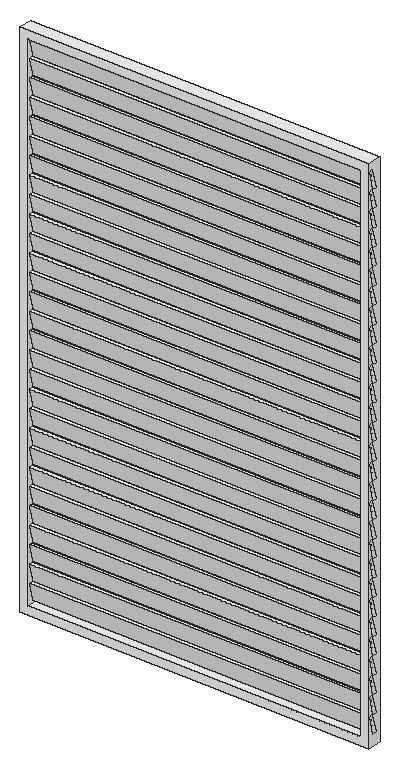
Revit family "WLV_A3-2000x2600-Louvre", category Windows, host Wall, Revit 2016
Family settings
  Host = Wall
  Always vertical = Yes
  Cut with Voids When Loaded = No
  Shared = No
  Room Calculation Point = No
Parameters (values of type "1190 x 1190 Louvre")
  Lovre Height Half = Frame Width * 2  # 100 mm
  Louvre Width = 100 mm  # constant formula
  Louvre Finish = Default Louvre
  Louvre Angle = 15.00°
  Inside Width = Width - (45 mm * 2)  # 1100 mm
  Inside Height = Height - (45 mm * 2)  # 1100 mm
  Inset = 115 mm
  Height = 1190 mm
  Head Height = 2125 mm
  Frame Width = Louvre Width / 2  # 50 mm
  Frame Finish = Default Frame
  Default Sill Height = 800 mm
  Wall Closure = By host
  Width = 1190 mm
  Assembly Code = ""
  Array = Inside Height / Louvre Width  # 11
Reference planes
  plane 1: y = 0
  plane 2 "Center (Left/Right)": x = 0
  plane 3 "Left": x = -595
  plane 4 "Right": x = 595
  plane 5 "Sill": z = 935
  plane 6 "Head": z = 2125
  plane 7 "Exterior": y = 115
  plane 8 "Interior": y = -115
  plane 9 "Inset": y = 0
  plane 10: z = 1035
  plane 11: z = 2025
Forms (mm)
  Sweep 1, solid, material "Default Frame" <- "Frame Finish"
    path origin (0, 0, 0) x (-1, 0, 0) y (0, 0, 1)
      loop
        line (-1000, 0) -> (1000, 0) -> (1000, 3005) -> (-1000, 3005) -> (-1000, 0)
    profile "Profile Rectangle : Profile Rectangle" origin (0, 0, 0) x (0, 0, 1) y (0, 1, 0)
      loop
        line (0, -40) -> (45, -40) -> (45, 40) -> (0, 40) -> (0, -40)
Lines and regions (mm)
  Opening 1
    outline origin (3500, -115, 0) x (1, 0, 0) y (0, 0, 1)
      loop
        line (-2500, 0) -> (-2500, 3005) -> (-4500, 3005) -> (-4500, 0) -> (-2500, 0)
Text (mm)
  text "EXTERIOR" at (-1963.203, 1332.353, 0), in view "Ref. Level"
  text "INTERIOR" at (-1981.466, -818.386, 0), in view "Ref. Level"
  text "Exterior" at (0, 923.751, 2943.296), in view "Right"
  text "Exterior" at (0, 1040.484, 2685.409), in view "Left"
Dimensions and locks
  equal spacing: plane 3 "Left", plane 2 "Center (Left/Right)", plane 4 "Right"
  "Width": plane 3 "Left" to plane 4 "Right"
  plane 5 "Sill" to Sweep 1 = 2070 mm
  "Head Height": plane 6 "Head" to level
  locked: plane 7 "Exterior" to host wall at 0
  locked: plane 8 "Interior" to host wall
  "Inset": plane 9 "Inset" to plane 7 "Exterior"
  "Lovre Height Half": plane 5 "Sill" to plane 10
  "Lovre Height Half": plane 11 to plane 6 "Head"
  level to Sweep 1 = 0 mm
  equal spacing: group 1, group 2, group 3, group 4, group 5, group 6, group 7, group 8, group 9, group 10, group 11, group 12, group 13, group 14, group 15, group 16, group 17, group 18, group 19  (x3)
  group 19 to group 20 = 0 mm  (x2)
  group 19 to group 20 = 100 mm
  aligned and locked: nested 1 to plane 9 "Inset"
  aligned and locked: plane 2 "Center (Left/Right)" to nested 1
  aligned: Opening 1 sketch curve to Sweep 1
Automatic sketch dimensions
  Sweep 1 sketch curve to plane 4 "Right" = 405 mm
  plane 3 "Left" to Sweep 1 sketch curve = 405 mm
  Sweep 1 sketch curve to level = 0 mm
  Sweep 1 sketch curve to plane 6 "Head" = 880 mm
  Opening 1 sketch curve to level = 0 mm
  plane 3 "Left" to Opening 1 sketch curve = 405 mm
  Opening 1 sketch curve to plane 4 "Right" = 405 mm
  Opening 1 sketch curve to plane 6 "Head" = 880 mm
Nested families
  nested 1: "Louvre Component" at (0, 0, 960), type "100mm Louvre"
  nested 2: "Louvre Component" at (0, 0, 1060), type "100mm Louvre"
  nested 3: "Louvre Component" at (0, 0, 1160), type "100mm Louvre"
  nested 4: "Louvre Component" at (0, 0, 1260), type "100mm Louvre"
  nested 5: "Louvre Component" at (0, 0, 1360), type "100mm Louvre"
  nested 6: "Louvre Component" at (0, 0, 1460), type "100mm Louvre"
  nested 7: "Louvre Component" at (0, 0, 1560), type "100mm Louvre"
  nested 8: "Louvre Component" at (0, 0, 1660), type "100mm Louvre"
  nested 9: "Louvre Component" at (0, 0, 1760), type "100mm Louvre"
  nested 10: "Louvre Component" at (0, 0, 1860), type "100mm Louvre"
  nested 11: "Louvre Component" at (0, 0, 1960), type "100mm Louvre"
  nested 12: "Louvre Component" at (0, 0, 2060), type "100mm Louvre"
  nested 13: "Louvre Component" at (0, 0, 2160), type "100mm Louvre"
  nested 14: "Louvre Component" at (0, 0, 2260), type "100mm Louvre"
  nested 15: "Louvre Component" at (0, 0, 2360), type "100mm Louvre"
  nested 16: "Louvre Component" at (0, 0, 2460), type "100mm Louvre"
  nested 17: "Louvre Component" at (0, 0, 2560), type "100mm Louvre"
  nested 18: "Louvre Component" at (0, 0, 2660), type "100mm Louvre"
  nested 19: "Louvre Component" at (0, 0, 2760), type "100mm Louvre"
  nested 20: "Louvre Component" at (0, 0, 2860), type "100mm Louvre"
  nested 21: "Louvre Component" at (0, 0, 860), type "100mm Louvre"
  nested 22: "Louvre Component" at (0, 0, 760), type "100mm Louvre"
  nested 23: "Louvre Component" at (0, 0, 660), type "100mm Louvre"
  nested 24: "Louvre Component" at (0, 0, 560), type "100mm Louvre"
  nested 25: "Louvre Component" at (0, 0, 460), type "100mm Louvre"
  nested 26: "Louvre Component" at (0, 0, 360), type "100mm Louvre"
  nested 27: "Louvre Component" at (0, 0, 260), type "100mm Louvre"
  nested 28: "Louvre Component" at (0, 0, 160), type "100mm Louvre"
  nested 29: "Louvre Component" at (0, 0, 60), type "100mm Louvre"
Definition of nested family "Louvre Component"
  Parameters
    Width Inside = 1100 mm
    Louvre Width = 20 mm
    Louvre Size = 100 mm
    Louvre Finish = none
    Louvre Angle = 15.00°
    Frame Size = 45 mm
    Assembly Code = ""
  Reference planes
    plane 1 "Center (Front/Back)": y = 0
    plane 2: z = 50
    plane 3 "Center (Left/Right)": x = 0
    plane 4: x = -550
    plane 5: x = 550
    plane 6: x = 595
    plane 7: x = -595
    plane 8: z = 100
    plane 9: z = 0
  Forms (mm)
    Extrusion 1, solid, material <- "Louvre Finish"
      sketch origin (0, 0, 0) x (0, 1, 0) y (0, 0, 1)
        loop
          line (-13.397, 100) -> (-34.103, 100) -> (-7.308, 0) -> (13.397, 0) -> (-13.397, 100)
      from -999.999 to 1000.072
  Lines and regions (mm)
    reference lines
      curve 1: line (0, 0, 50) -> (0, -158.356, 640.993)
    symbolic lines
      curve 2: line (0, 140, 50) -> (0, -120, 50)
  Dimensions and locks
    equal spacing: plane 4, plane 3 "Center (Left/Right)", plane 5
    "Width Inside": plane 4 to plane 5
    "Frame Size": plane 7 to plane 4
    "Frame Size": plane 5 to plane 6
    equal spacing: plane 8, plane 2, plane 9
    "Louvre Size": plane 8 to plane 9
    "Louvre Width": Extrusion 1 sketch curve to curve 1
    Extrusion 1 to curve 1 to Extrusion 1 = 1000.072 mm, 999.999 mm
    "Louvre Angle": angle curve 1 to plane 1 "Center (Front/Back)"
    aligned and locked: Extrusion 1 sketch curve to curve 1
  Automatic sketch dimensions
    curve 1 to plane 1 "Center (Front/Back)" = 0 mm
    curve 1 to plane 2 = 0 mm
    Extrusion 1 sketch curve to plane 9 = 0 mm
    Extrusion 1 sketch curve to plane 8 = 0 mm
    curve 2 to plane 2 = 0 mm
    plane 1 "Center (Front/Back)" to curve 2 = 120 mm
    curve 2 to plane 1 "Center (Front/Back)" = 140 mm
